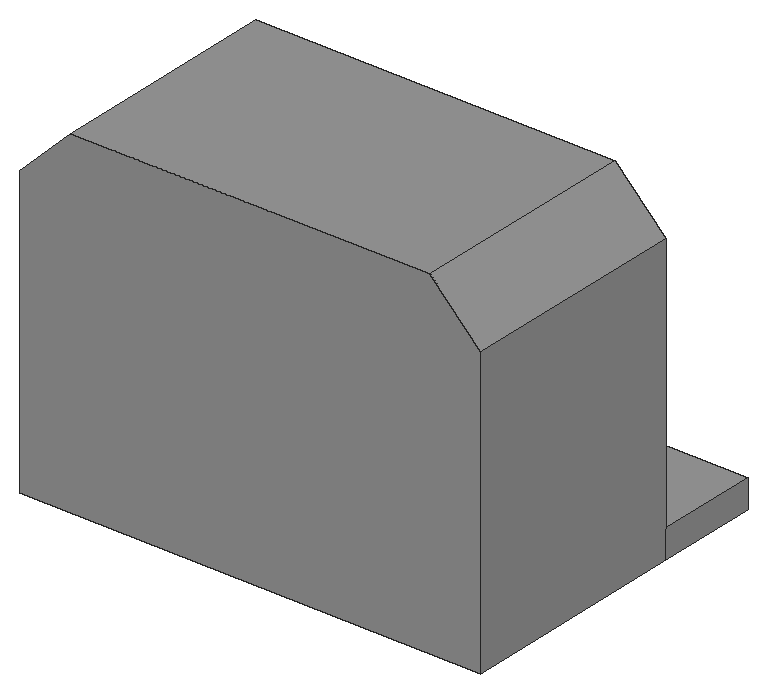
Revit family "Drinking_Fountain-Willoughby-1013-DF-96", category Plumbing Fixtures, host Face, Revit 2014
Parameters (values of type "Standard")
  Waste Connection = yes
  Vent Connection = no
  URL = "www.willoughby-ind.com"
  Revision = "A"
  Model = "DF-1013-96"
  Manufacturer = "Willoughby Industries"
  Lav Waste DIA = 1 1/2"
  HW Connection = no
  Fixture Body = Stainless Steel AISI 304-Willoughby
  Description = "Drinking Fountain"
  Default Elevation = 0' - 0"
  Contact = "800-428-4065"
  CW Connection = no
Reference planes (in)
  plane 1 "Center (Front/Back)": y = 0
  plane 2: z = 0
  plane 3 "Center (Left/Right)": x = 0
  plane 4: x = -9
  plane 5: x = 9
  plane 6 "Sink HGT": y = 32.5
  plane 7 "Top Of Unit": y = 36.5
  plane 8 "Bottom Of Unit": y = 23.5
  plane 9 "Sink Drain": y = 28.75
  plane 10: z = 11.25
  plane 11: z = 13.25
Forms (in)
  Extrusion 1, solid, material "Stainless Steel AISI 304-Willoughby" <- "Fixture Body"
    sketch origin (0, 32.5, 0) x (-1, 0, 0) y (0, 0, 1)
      loop
        line (-9, 0) -> (9, 0) -> (9, 11.25) -> (7, 13.25) -> (-7, 13.25) -> (-9, 11.25) -> (-9, 0)
    from 0 to -9
  Blend 2, void
    base sketch origin (-0.02121, 32.5, 1.70871) x (-1, 0, 0) y (0, 0, 1)
      loop
        spline (-6.5, 5.625) -> (-6.27852, 4.39561) -> (-5.62917, 3.25) -> (-4.59619, 2.26624) -> (-3.25, 1.51138) -> (-1.68232, 1.03685) -> (0, 0.875) -> (1.68232, 1.03685) -> (3.25, 1.51138) -> (4.59619, 2.26624) -> (5.62917, 3.25) -> (6.27852, 4.39561) -> (6.5, 5.625)
        spline (6.5, 5.625) -> (6.27852, 6.85439) -> (5.62917, 8) -> (4.59619, 8.98376) -> (3.25, 9.73862) -> (1.68232, 10.21315) -> (0, 10.375) -> (-1.68232, 10.21315) -> (-3.25, 9.73862) -> (-4.59619, 8.98376) -> (-5.62917, 8) -> (-6.27852, 6.85439) -> (-6.5, 5.625)
    top sketch origin (-0.02121, 32.5, 1.70871) x (-1, 0, 0) y (0, 0, 1)
      loop
        circle (0, 5.625) r 1
    from 0 to -1.5
  Extrusion 3, solid, material "Stainless Steel AISI 304-Willoughby" <- "Fixture Body"
    sketch origin (0, 32.5, 0) x (-1, 0, 0) y (0, 0, 1)
      loop
        line (-9, 0) -> (9, 0) -> (9, 1.125) -> (-9, 1.125) -> (-9, 0)
    from 0 to 4
  Revolve 4, solid
    sketch origin (0, 28.75, 0) x (-1, 0, 0) y (0, 0, 1)
      loop
        line (0, 0) -> (0.75, 0) -> (0.75, 1.125) -> (0, 1.125) -> (0, 0)
      axis (0, 1.125) -> (0, 0)
    angle from 0 to 360
Cuts and joins
  Blend 2 cuts Extrusion 1
Lines and regions (in)
  symbolic lines
    curve 1: line (-9, 23.5, 0) -> (-9, 32.5, 0)
    curve 2: line (-9, 32.5, 0) -> (9, 32.5, 0)
    curve 3: line (9, 32.5, 0) -> (9, 23.5, 0)
    curve 4: line (9, 23.5, 0) -> (-9, 23.5, 0)
    curve 5: line (-7, 32.5, 0) -> (-7, 23.5, 0)
    curve 6: line (7, 32.5, 0) -> (7, 23.5, 0)
    curve 10: line (9, 28.75, 0) -> (9, 28.75, 11.25)
    curve 11: line (9, 28.75, 11.25) -> (7, 28.75, 13.25)
    curve 12: line (7, 28.75, 13.25) -> (-7, 28.75, 13.25)
    curve 13: line (-7, 28.75, 13.25) -> (-9, 28.75, 11.25)
    curve 14: line (-9, 28.75, 11.25) -> (-9, 28.75, 0)
    curve 15: line (-9, 28.75, 0) -> (9, 28.75, 0)
    curve 19: line (0, 23.5, 0) -> (0, 32.5, 0)
    curve 20: line (0, 32.5, 0) -> (0, 32.5, 13.25)
    curve 21: line (0, 32.5, 13.25) -> (0, 23.5, 13.25)
    curve 22: line (0, 23.5, 13.25) -> (0, 23.5, 0)
  symbolic lines, detail levels medium+fine
    curve 7: line (-9, 32.5, 0) -> (-9, 36.5, 0)
    curve 8: line (-9, 36.5, 0) -> (9, 36.5, 0)
    curve 9: line (9, 36.5, 0) -> (9, 32.5, 0)
    curve 16: line (-9, 28.75, 1.125) -> (9, 28.75, 1.125)
    curve 23: line (0, 32.5, 0) -> (0, 36.5, 0)
    curve 24: line (0, 36.5, 0) -> (0, 36.5, 1.125)
    curve 25: line (0, 36.5, 1.125) -> (0, 32.5, 1.125)
  symbolic lines, detail levels fine
    curve 17: circle (0, 28.75, 7.33371) r 1.02121 normal (0, 1, 0)
    curve 18: spline (6.52121, 28.75, 7.33371) -> (6.29901, 28.75, 8.5631) -> (5.64753, 28.75, 9.70871) -> (4.61119, 28.75, 10.69247) -> (3.26061, 28.75, 11.44733) -> (1.68781, 28.75, 11.92186) -> (0, 28.75, 12.08371) -> (-1.68781, 28.75, 11.92186) -> (-3.26061, 28.75, 11.44733) -> (-4.61119, 28.75, 10.69247) -> (-5.64753, 28.75, 9.70871) -> (-6.29901, 28.75, 8.5631) -> (-6.52121, 28.75, 7.33371) -> (-6.29901, 28.75, 6.10432) -> (-5.64753, 28.75, 4.95871) -> (-4.61119, 28.75, 3.97495) -> (-3.26061, 28.75, 3.22009) -> (-1.68781, 28.75, 2.74556) -> (0, 28.75, 2.58371) -> (1.68781, 28.75, 2.74556) -> (3.26061, 28.75, 3.22009) -> (4.61119, 28.75, 3.97495) -> (5.64753, 28.75, 4.95871) -> (6.29901, 28.75, 6.10432) -> (6.52121, 28.75, 7.33371)
Dimensions and locks (in)
  plane 1 "Center (Front/Back)" to plane 6 "Sink HGT" = 2' - 8 1/2"
  locked: plane 7 "Top Of Unit" to plane 6 "Sink HGT" at 4
  locked: plane 6 "Sink HGT" to plane 8 "Bottom Of Unit" at 9
  locked: plane 4 to plane 5 at 18
  plane 9 "Sink Drain" to plane 8 "Bottom Of Unit" = 0' - 5 1/4"
  aligned and locked: plane 2 to host face
  aligned and locked: level to host face
  aligned and locked: plane 4 to Extrusion 1
  aligned and locked: plane 11 to Extrusion 1
  aligned and locked: Extrusion 1 to plane 5
  aligned and locked: Extrusion 1 to level
  aligned and locked: Extrusion 1 to plane 8 "Bottom Of Unit"
  aligned and locked: plane 6 "Sink HGT" to Extrusion 1
  aligned and locked: Extrusion 3 to level
  aligned and locked: Extrusion 3 to plane 5
  aligned and locked: Revolve 4 sketch curve to Revolve 4 sketch curve  (x2)
  aligned and locked: curve 2 to curve 6
  aligned and locked: curve 6 to cut or joined group of Extrusion 1, Blend 2
Connectors (in)
  piping at (0, 28.75, 0), diameter 1.5, driven by "Lav Waste DIA", driven by "Waste Connection"
    settings: on Revolve 4, index 1, connector inside diameter 24", connector length 0' - 0", flow factor 0, pipe flow 0 GPM, pressure drop 0.00 psi, fitting loss kfactor 0, connector angle 0.00°, fixture units 0, engagement length 0' - 0", angle of deflection 0.00°, flow configuration 0, flow direction 2, fitting loss method 0, system type 16, joint type 0, gender type 0, connector reference index -1, connector utility 1, adjustable connector no, is connector primary yes, connector description "Sink Waste"
